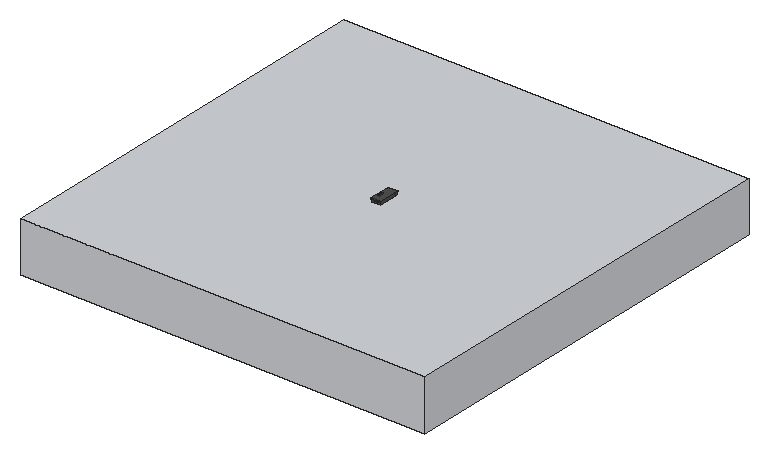
Revit family "GIRA_1239005", category Elektroinstallationen, Revit 2017
Family settings
  Basisbauteil = Fläche
  Beschriftungsausrichtung beibehalten = Ja
  Bemaßung runder Anschluss = Durchmesser verwenden
  Teiletyp = Normal
  Beim Laden mit Abzugskörper schneiden = Nein
  Gemeinsam genutzt = Nein
  Raumberechnungspunkt = Nein
Parameters
  Zusatzgerät anreihbar = no
  Default Elevation = 1219.2 mm
  Verbindung mit Smartphone möglich = no
  URL = "https://www.gira.de/"
  Typname = "Wohnungsstation Video AP Plus System 55 Schwarz m"
  Schaltfunktionen = yes
  Rufunterscheidung = yes
  Rufabschaltung = yes
  Mit Türöffnerautomatik = yes
  Mit Touchscreen = no
  Lautstärkeregelung = yes
  Ist Zubehör = no
  Ist System = no
  Internkommunikation = yes
  Hörgerätekompatibel = no
  Hersteller = "Gira"
  HAN = "1239005"
  GTIN = "4010337038658"
  Funktions-Lampen = yes
  Bildsystem = "PAL"
  Beschreibung = "Wohnungsstation Video AP Plus System 55 Schwarz matt Merkmale: - Bei Verwendung je einer Spannungsversorgung für Türkommunikation können bis zu 28 Wohnungsstationen Video AP parallel genutzt werden. - Die Wohnungsstation Video AP Plus erkennt automatisch, ob eine Spannungsversorgung für Türkommunikation angeschlossen ist. Eine Brücke zwischen ZV und BUS ist nicht notwendig. - Farbdisplay mit LED-Hintergrundbeleuchtung. - OSD Funktion, d. h. Texteinblendung im Display zur Statusanzeige und Menüführung. - Kapazitive Bedientasten mit integrierten Leuchtdioden zur Zustandsanzeige: Die Tasten werden durch leichte Berührung bedient. - Zuschaltbare Türöffnerautomatik: bei eingeschalteter Funktion wird der Türöffner nach Betätigung der Türstationsruftaste automatisch angesteuert. - Automatische Rufannahme: direktes Hineinsprechen oder -hören in einen Raum nach Internruf. - Gebührenfreier hausinterner Sprechverkehr mit bis zu zehn weiteren Wohnungsstationen. Die Bedientasten der Wohnungsstation Video AP Plus steuern die folgenden Funktionen:: - Manuelles Ein- und Ausschalten des TFT-Farbdisplays. - Kameraumschaltung - gezielte Anwahl der angeschlossenen Farbkameras. Im Display erfolgt die Textanzeige, welche Kamera aktuell angesteuert wird. - Schalten von Licht und anderen Funktionen in Verbindung mit dem Schaltaktor oder dem Unterputz-Schaltaktor. - Ansteuerung des Türöffners. - Rufton ein- und ausschalten. - Rufannahme. - Aktivierung der Durchsetzfunktion. - Einstellung von Rufton- und Sprechlautstärke. Funktionen im Endkundenmenü: - Internruf, Schalthandlung, Ruftonmelodie, Helligkeit, Farbsättigung, Kontrast, Einschaltzeit des Displays, Sprache (21 Sprachen wählbar), Tastentöne, Türöffnerautomatik (nach Installateurfreigabe), automatische Rufannahme (nach Installateurfreigabe). Zusätzliche Funktionen im Installateurmenü:: - Einstellung Haupt- Nebendisplay, Frequenzeinstellung, Terminierung der Leitung, Versionsanzeige, Werkseinstellung, Display ein- bzw. ausschalten, LED-Beleuchtung ein- bzw. ausschalten, Ruftastenzuordnung, Internruf zuordnen, Freigaben für Türöffnerautomatik und automatische Rufannahme. - Karten-Slot für SD-Speicherkarte. - SD-Speicherkarte. Neue zusätzliche Funktionen im Endkundenmenü:: - Interner Bildspeicher (nach Installateurfreigabe) für bis zu 48 Bilder. Manueller Übertrag interner zu externner Bildspeicher (SD-Speicherkarte). Bildspeicher manuell löschen. Manuellen Schnappschuss auslösen. Schalthandlungen und Internrufe umbenennen. Datum Uhrzeit ändern. Neue zusätzliche Funktionen im Installateurmenü:: - Freigabe des internen Bildspeichers. Einstellen des Bildintervals und der Aufnahmegeschwindigkeit. Datum Uhrzeit einstellen. Eigenschaften der SD-Speicherkarte:: - Verzeichnis für zehn Klingeltöne, davon fünf frei konfigurierbar im WAVE-Format. Ordner für externen Bildspeicher (max. 200 Bilder).  Hinweise : - Montage ohne Abdeckrahmen oder mit Abdeckrahmen 2fach ohne Mittelsteg aus den Schalterprogrammen System 55, Flächenschalter oder Gira E22 möglich."
  Bedienung Türöffner = yes
  BIM = "https://media.stage.bim.site/t/eyJhbGciOiJIUzI1NiIsInR5cCI6IkpXVCJ9.eyJjdCI6MSwidGYiOiJwdWJsaWMvZ2lyYS9iNjQ4NDNkLzEyMzkgMDA1LnJmYSIsImNpZCI6IjMyNzdjYzIzLTgxYTktNGVlMy1hOTBhLWI0N2JiNGMwYjYxNiIsInJpZCI6IjZhYmM4YzI3ZTEwZDBlODhkY2YyN2FmZGJmMDcxZGYyIiwicGlkIjoiZmJhYWM2ZWMzZDY0MjhjYjRlYmM3MTY3OTYwNWU1MDY5Mzg0ZGViYSIsInNpZCI6IjYzNDcwIiwidXQiOjUsImlhdCI6MTU2NTE4Njk5OCwiaXNzIjoiaHR0cHM6Ly9hcGkubGl2ZS5iaW0uc2l0ZSIsInN1YiI6ImFkbWluQGJpbXNpdGUuZGV2In0.hfEg5pcXzP78C9TAVGNe0iRPLh3mNouIvwlX1bUFDYs/1239 005.rfa"
  Abhörsicher = yes
Reference planes
  plane 1 "Center (Front/Back)": y = 0
  plane 2: z = 0
  plane 3 "Center (Left/Right)": x = 0
  plane 4: y = -57.002
  plane 5: z = 11.3
Forms (mm)
  Extrusion 1, solid
    sketch origin (0, 0, 0) x (1, 0, 0) y (0, 1, 0)
      loop
        line (-1219.2, 1219.2) -> (-1219.2, -1219.2) -> (1219.2, -1219.2) -> (1219.2, 1219.2) -> (-1219.2, 1219.2)
    from 0 to -304.8
  Extrusion 2, solid, material "Black Matt", detail levels fine
    sketch origin (0, 0, 0) x (1, 0, 0) y (0, 1, 0)
      loop
        line (-27.5, 62.907) -> (-27.5, -62.761) -> (27.5, -63.002) -> (27.5, 62.907) -> (-27.5, 62.907)
    from 2.8 to 19.6
  Extrusion 3, solid, material "Black Matt", detail levels fine
    sketch origin (0, 0, 0) x (1, 0, 0) y (0, 1, 0)
      loop
        line (23.736, -57.486) -> (23.736, 57.355) -> (-23.736, 57.355) -> (-23.736, -57.486) -> (23.736, -57.486)
    from 0 to 2.8
  Extrusion 4, solid, material "Black Matt", detail levels fine
    sketch origin (0, 0, -0.9) x (1, 0, 0) y (0, 1, 0)
      loop
        arc (-26.5, 65) -> (-27.207, 64.707) -> (-27.5, 64) r 1
        line (-27.5, 64) -> (-27.5, -64)
        arc (-27.5, -64) -> (-27.207, -64.707) -> (-26.5, -65) r 1
        line (-26.5, -65) -> (26.5, -65)
        arc (26.5, -65) -> (27.207, -64.707) -> (27.5, -64) r 1
        line (27.5, -64) -> (27.5, 64)
        arc (27.5, 64) -> (27.207, 64.707) -> (26.5, 65) r 1
        line (26.5, 65) -> (-26.5, 65)
    from 20.5 to 21.5
  Extrusion 5, solid, material "Black Matt", detail levels medium+fine
    sketch origin (0, 0, 0) x (1, 0, 0) y (0, 1, 0)
      loop
        line (-23.605, -18.6) -> (-13.2, -18.6) -> (-13.2, -8.594) -> (-13.2, 3.4) -> (-23.605, 3.4) -> (-23.605, -18.6)
    from 20.6 to 22.5
  Extrusion 6, void, detail levels fine
    sketch origin (0, 0, 0) x (1, 0, 0) y (0, 1, 0)
      loop
        arc (-11.109, -10.234) -> (15.105, -0.084) -> (-10.995, 10.357) r 15.105
        line (-10.995, 10.357) -> (-11.109, -10.234)
      loop
        arc (-3.34, -27.996) -> (-8.964, -28.895) -> (-3.943, -31.585) r 3.005
        arc (-3.943, -31.585) -> (0.438, -31.827) -> (4.808, -31.44) r 31.83
        arc (4.808, -31.44) -> (6.319, -29.382) -> (4.262, -27.871) r 1.805
        arc (4.262, -27.871) -> (0.465, -28.191) -> (-3.34, -27.996) r 28.195
      loop
        spline (6.871, -48.874) -> (6.579, -48.896) -> (6.293, -48.96) -> (6.02, -49.065) -> (5.765, -49.208) -> (5.534, -49.388) -> (5.331, -49.599) -> (5.162, -49.838) -> (5.029, -50.099) -> (4.936, -50.377) -> (4.885, -50.666) -> (4.876, -50.959) -> (4.91, -51.25)
        spline (4.91, -51.25) -> (4.876, -51.541) -> (4.885, -51.834) -> (4.936, -52.123) -> (5.029, -52.401) -> (5.162, -52.662) -> (5.331, -52.901) -> (5.534, -53.112) -> (5.765, -53.292) -> (6.02, -53.435) -> (6.293, -53.54) -> (6.579, -53.604) -> (6.871, -53.626)
        line (6.871, -53.626) -> (13.129, -53.626)
        spline (13.129, -53.626) -> (13.421, -53.604) -> (13.707, -53.54) -> (13.98, -53.435) -> (14.235, -53.292) -> (14.466, -53.112) -> (14.669, -52.901) -> (14.838, -52.662) -> (14.971, -52.401) -> (15.064, -52.123) -> (15.115, -51.834) -> (15.124, -51.541) -> (15.09, -51.25)
        spline (15.09, -51.25) -> (15.124, -50.959) -> (15.115, -50.666) -> (15.064, -50.377) -> (14.971, -50.099) -> (14.838, -49.838) -> (14.669, -49.599) -> (14.466, -49.388) -> (14.235, -49.208) -> (13.98, -49.065) -> (13.707, -48.96) -> (13.421, -48.896) -> (13.129, -48.874)
        line (13.129, -48.874) -> (6.871, -48.874)
      loop
        arc (3.34, 27.996) -> (8.966, 28.911) -> (3.92, 31.563) r 3.005
        arc (3.92, 31.563) -> (-0.448, 31.802) -> (-4.808, 31.44) r 31.805
        arc (-4.808, 31.44) -> (-6.319, 29.382) -> (-4.262, 27.871) r 1.805
        arc (-4.262, 27.871) -> (-0.465, 28.191) -> (3.34, 27.996) r 28.195
      loop
        line (-20.626, 52.129) -> (-20.626, 45.871)
        spline (-20.626, 45.871) -> (-20.604, 45.579) -> (-20.54, 45.293) -> (-20.435, 45.02) -> (-20.292, 44.765) -> (-20.112, 44.533) -> (-19.901, 44.331) -> (-19.662, 44.162) -> (-19.401, 44.029) -> (-19.123, 43.936) -> (-18.834, 43.885) -> (-18.541, 43.876) -> (-18.25, 43.91)
        spline (-18.25, 43.91) -> (-17.959, 43.876) -> (-17.666, 43.885) -> (-17.377, 43.936) -> (-17.099, 44.029) -> (-16.838, 44.162) -> (-16.599, 44.331) -> (-16.388, 44.533) -> (-16.208, 44.765) -> (-16.065, 45.02) -> (-15.96, 45.293) -> (-15.896, 45.579) -> (-15.874, 45.871)
        line (-15.874, 45.871) -> (-15.874, 52.129)
        spline (-15.874, 52.129) -> (-15.896, 52.421) -> (-15.96, 52.707) -> (-16.065, 52.98) -> (-16.208, 53.235) -> (-16.388, 53.466) -> (-16.599, 53.669) -> (-16.838, 53.838) -> (-17.099, 53.971) -> (-17.377, 54.064) -> (-17.666, 54.115) -> (-17.959, 54.124) -> (-18.25, 54.09)
        spline (-18.25, 54.09) -> (-18.541, 54.124) -> (-18.834, 54.115) -> (-19.123, 54.064) -> (-19.401, 53.971) -> (-19.662, 53.838) -> (-19.901, 53.669) -> (-20.112, 53.466) -> (-20.292, 53.235) -> (-20.435, 52.98) -> (-20.54, 52.707) -> (-20.604, 52.421) -> (-20.626, 52.129)
    from 0 to 2
  Extrusion 7, void, detail levels fine
    sketch origin (-1.799, 0, 0) x (1, 0, 0) y (0, 0, 1)
      loop
        line (0, 17.165) -> (0, 15.22) -> (3.598, 15.22) -> (3.598, 17.165) -> (0, 17.165)
      loop
        line (-4.701, 11.286) -> (-4.701, 8.933) -> (8.855, 8.933) -> (8.855, 11.286) -> (-4.701, 11.286)
    from 58.901 to 65
  Extrusion 8, void, detail levels fine
    sketch origin (0, 0, 0) x (0, 1, 0) y (0, 0, 1)
      loop
        line (-57.002, 12.854) -> (-57.002, 9.854) -> (-38.002, 9.854) -> (-38.002, 12.854) -> (-57.002, 12.854)
    from -27.55 to 27.5
  Extrusion 9, solid, material "Black Matt", detail levels medium
    sketch origin (0, 0, 0) x (1, 0, 0) y (0, 1, 0)
      loop
        line (27.5, 65) -> (-27.5, 65) -> (-27.5, -65) -> (27.5, -65) -> (27.5, 65)
    from 19.6 to 20.6
  Extrusion 10, solid, material "Black Matt", detail levels medium
    sketch origin (0, 0, 0) x (1, 0, 0) y (0, 1, 0)
      loop
        line (-27.5, 62.907) -> (-27.5, -62.761) -> (27.5, -63.002) -> (27.5, 62.907) -> (-27.5, 62.907)
    from 2.8 to 19.6
  Extrusion 11, solid, material "Black Matt", detail levels medium
    sketch origin (0, 0, 0) x (1, 0, 0) y (0, 1, 0)
      loop
        line (23.736, -57.486) -> (23.736, 57.355) -> (-23.736, 57.355) -> (-23.736, -57.486) -> (23.736, -57.486)
    from 0 to 2.8
  Extrusion 12, solid, material "Black Matt", detail levels coarse
    sketch origin (0, 0, 0) x (1, 0, 0) y (0, 1, 0)
      loop
        line (27.5, 65) -> (-27.5, 65) -> (-27.5, -65) -> (27.5, -65) -> (27.5, 65)
    from 0 to 22.5
Cuts and joins
  Extrusion 6, Extrusion 7, Extrusion 8 cuts Extrusion 2
  Extrusion 6 cuts Extrusion 3
  Extrusion 6 cuts Extrusion 4
Dimensions and locks
  aligned and locked: plane 2 to Extrusion 1
  aligned and locked: level to Extrusion 1
  aligned and locked: plane 1 "Center (Front/Back)" to nested 1
Nested families
  nested 1: "symbol" at (0, 0, 0), type "symbol"
Definition of nested family "symbol"
  Reference planes
    plane 1: y = 0
    plane 2: x = 0
  Lines and regions (mm)
    Filled region 1, type "Gefüllter Bereich 1"
      outline origin (0, 0, 0) x (1, 0, 0) y (0, 1, 0)
        loop
          circle (-0.6, 2.4) r 0.4
    Filled region 2, type "Gefüllter Bereich 1"
      outline origin (0, 0, 0) x (1, 0, 0) y (0, 1, 0)
        loop
          circle (0.6, 2.4) r 0.4
    detail lines
      curve 1: line (0, 0, 0) -> (0, 2, 0)
      curve 2: line (0, 2, 0) -> (1.6, 2, 0)
      curve 3: line (1.6, 2, 0) -> (1.6, 3.6, 0)
      curve 4: circle (0.6, 2.4, 0) r 0.4 normal (0, 0, 1)
      curve 5: line (0, 2, 0) -> (-1.6, 2, 0)
      curve 6: line (-1.6, 2, 0) -> (-1.6, 3.6, 0)
      curve 7: circle (-0.6, 2.4, 0) r 0.4 normal (0, 0, -1)
